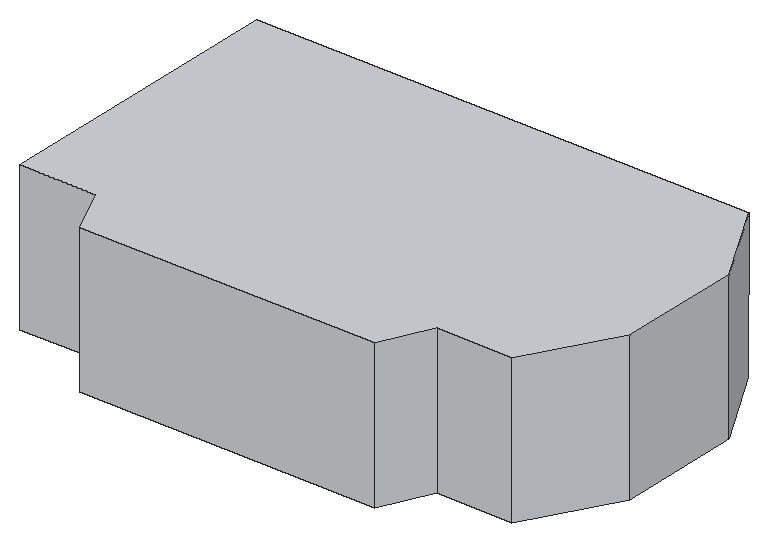
Revit family "M_T retangular com transição", category Conexões de duto, Revit 2019
Family settings
  Cota do conector redondo = Utilizar diâmetro
  Tipo de parte = Tê
  Número OmniClass = 23.75.70.14
  Título OmniClass = Air Ductwork
  ID de item do Seek = Rectangular Tee with Transition-0000-CAN-ENU
  Com base no plano de trabalho = Não
  Sempre na vertical = Sim
  Corte com vazios quando carregada = Não
  Compartilhado = Não
Parameters (values of type "Padrão")
  Comprimento 6 [instance] = Comprimento do rebaixo / 2  # 100 mm
  Comprimento 2 [instance] = 100 mm
  Comprimento 3 [instance] = (Comprimento 6) * tan(Ângulo 1) + Largura do duto 3 / 2  # 346.631 mm
  Comprimento do duto 2 [instance] = Comprimento do duto 1 + Comprimento 2  # 600 mm
  Largura do duto 2 [instance] = 250 mm
  Largura do duto 3 [instance] = 600 mm
  Largura do duto 1 [instance] = 600 mm
  Comprimento do rebaixo [instance] = 200 mm
  Meia largura 1 [instance] = Largura do duto 1 / 2  # 300 mm
  Comprimento do duto 3 [instance] = Largura do duto 1 / 2 + Comprimento 6  # 400 mm
  Meia largura 3 [instance] = Largura do duto 3 / 2  # 300 mm
  Comprimento do duto 1 [instance] = Meia largura 3 + Comprimento do rebaixo  # 500 mm
  Altura do duto [instance] = 300 mm
  Assembly Code = ""
  Ângulo 1 [instance] = 25.00°
Reference planes
  plane 1 "Centro (Frente/Trás)": y = 0
  plane 2: z = 0
  plane 3 "Centro (Esquerda/Direita)": x = 0
  plane 4: x = -500
  plane 5: x = 500
  plane 6: y = -400
  plane 7: x = -300
  plane 8: x = 300
  plane 9: x = -346.631
  plane 10: x = 346.631
  plane 11: z = 150
  plane 12: z = -150
  plane 13: y = 300
  plane 14: y = -300
  plane 15: x = 600
  plane 16: y = 125
  plane 17: y = -125
  plane 18: y = -127
  plane 19: y = 127
  plane 20: y = -127
  plane 21: y = 127
  plane 22: y = -304.8
  plane 23: y = 304.8
  plane 24: z = 152.4
  plane 25: z = -152.4
Forms (mm)
  Sweep 1, solid, detail levels medium+fine
    path in 3D
      loop
        line (-500, 0, 0) -> (0, 0, 0)
    profile "M_Duto - Retangular : Duto - Retangular" origin (-250, 0, 0) x (0, 1, 0) y (0, 0, 1)
      loop
        line (-300, 150) -> (-300, -150) -> (300, -150) -> (300, 150) -> (-300, 150)
  Sweep 2, solid, detail levels medium+fine
    path in 3D
      loop
        line (0, 0, 0) -> (500, 0, 0)
    profile "M_Duto - Retangular : Duto - Retangular" origin (250, 0, 0) x (0, 1, 0) y (0, 0, 1)
      loop
        line (-300, 150) -> (-300, -150) -> (300, -150) -> (300, 150) -> (-300, 150)
  Blend 3, solid, detail levels medium+fine
    base sketch origin (-643.049, -400, 1219.2) x (-1, 0, 0) y (0, 0, 1)
      loop
        line (-343.049, -1069.2) -> (-943.049, -1069.2) -> (-943.049, -1369.2) -> (-343.049, -1369.2) -> (-343.049, -1069.2)
    top sketch origin (-643.049, -400, 1219.2) x (-1, 0, 0) y (0, 0, 1)
      loop
        line (-296.418, -1069.2) -> (-989.68, -1069.2) -> (-989.68, -1369.2) -> (-296.418, -1369.2) -> (-296.418, -1069.2)
    from 0 to 100
  Blend 4, solid, detail levels medium+fine
    base sketch origin (600, 1066.8, 1219.2) x (0, 1, 0) y (0, 0, 1)
      loop
        line (-1191.8, -1069.2) -> (-1191.8, -1369.2) -> (-941.8, -1369.2) -> (-941.8, -1069.2) -> (-1191.8, -1069.2)
    top sketch origin (600, 1066.8, 1219.2) x (0, 1, 0) y (0, 0, 1)
      loop
        line (-1366.8, -1069.2) -> (-1366.8, -1369.2) -> (-766.8, -1369.2) -> (-766.8, -1069.2) -> (-1366.8, -1069.2)
    from 0 to -100
Cuts and joins
  joined: Sweep 1, Sweep 2, Blend 3, Blend 4
Lines and regions (mm)
  reference lines
    curve 1: line (-500, 0, 0) -> (0, 0, 0)
    curve 2: line (0, 0, 0) -> (500, 0, 0)
    curve 3: line (0, 0, 0) -> (0, -400, 0)
  sketch lines
    curve 4: line (-500, 0, 0) -> (0, 0, 0)
    curve 5: line (0, 0, 0) -> (500, 0, 0)
  model lines, style "DuctFitting", detail levels coarse
    curve 6: line (-500, 0, 0) -> (0, 0, 0)
    curve 7: line (0, 0, 0) -> (600, 0, 0)
    curve 8: line (0, 0, 0) -> (0, -400, 0)
Dimensions and locks
  equal spacing: plane 4, plane 3 "Centro (Esquerda/Direita)", plane 5
  "Comprimento do duto 1": plane 4 to plane 3 "Centro (Esquerda/Direita)"
  "Comprimento do duto 3": plane 6 to plane 1 "Centro (Frente/Trás)"
  equal spacing: plane 7, plane 3 "Centro (Esquerda/Direita)", plane 8
  "Largura do duto 3": plane 7 to plane 8
  equal spacing: plane 9, plane 3 "Centro (Esquerda/Direita)", plane 10
  "Comprimento 3": plane 9 to plane 3 "Centro (Esquerda/Direita)"
  equal spacing: plane 11, level, plane 12
  "Altura do duto": plane 11 to plane 12
  equal spacing: plane 13, plane 1 "Centro (Frente/Trás)", plane 14
  "Meia largura 1": plane 13 to plane 1 "Centro (Frente/Trás)"
  "Comprimento do duto 2": plane 3 "Centro (Esquerda/Direita)" to plane 15
  equal spacing: plane 16, plane 1 "Centro (Frente/Trás)", plane 17
  "Largura do duto 2": plane 16 to plane 17
  equal spacing: plane 18, plane 1 "Centro (Frente/Trás)", plane 19
  equal spacing: plane 20, plane 1 "Centro (Frente/Trás)", plane 21
  equal spacing: plane 22, plane 1 "Centro (Frente/Trás)", plane 23
  equal spacing: plane 24, level, plane 25
  aligned and locked: plane 3 "Centro (Esquerda/Direita)" to curve 1
  aligned and locked: plane 4 to curve 1
  aligned and locked: plane 1 "Centro (Frente/Trás)" to curve 1
  aligned and locked: plane 5 to curve 2
  aligned and locked: plane 1 "Centro (Frente/Trás)" to curve 2
  aligned and locked: plane 6 to curve 3
  aligned and locked: curve 6 to curve 1
  aligned and locked: curve 7 to curve 2
  aligned and locked: curve 8 to curve 3
  aligned and locked: Blend 3 sketch curve to plane 11  (x2)
  aligned and locked: plane 12 to Blend 3 sketch curve  (x2)
  aligned and locked: plane 7 to Blend 3 sketch curve
  aligned and locked: Blend 3 sketch curve to plane 8
  aligned and locked: plane 9 to Blend 3 sketch curve
  aligned and locked: Blend 3 sketch curve to plane 10
  aligned and locked: plane 14 to Blend 3
  aligned and locked: Blend 3 to plane 6
  aligned and locked: Blend 4 sketch curve to plane 16
  aligned and locked: plane 17 to Blend 4 sketch curve
  aligned and locked: Blend 4 sketch curve to plane 11  (x2)
  aligned and locked: plane 12 to Blend 4 sketch curve  (x2)
  aligned and locked: Blend 4 sketch curve to plane 13
  aligned and locked: plane 14 to Blend 4 sketch curve
  aligned and locked: Blend 4 to plane 15
  aligned and locked: Blend 4 to plane 5
  aligned and locked: plane 15 to curve 7
Automatic sketch dimensions
  curve 6 to plane 4 = 0 mm
  curve 8 to plane 6 = 0 mm
Connectors
  hvac at (-500, 0, 0), driven by "Altura do duto", driven by "Largura do duto 1"
    settings: on cut or joined group of Sweep 1, Sweep 2, Blend 3, Blend 4, index 1, duct flow 0.0 L/s, flow factor 0, pres drop 0.0 Pa, loss coef 0, conn angle 0.00°, conn width 600 mm, conn height 300 mm, conn diameter 609.6 mm, duct sys type 28, conn prof type 1, flow config 0, flow direction 0, loss method 0, conn ref index 2, conn util no, is conn primary yes, conn desc ""
  hvac at (600, 0, 0), driven by "Altura do duto", driven by "Largura do duto 2"
    settings: on Blend 4, index 2, duct flow 0.0 L/s, flow factor 0, pres drop 0.0 Pa, loss coef 0, conn angle 0.00°, conn width 250 mm, conn height 300 mm, conn diameter 609.6 mm, duct sys type 28, conn prof type 1, flow config 0, flow direction 0, loss method 0, conn ref index 1, conn util no, is conn primary no, conn desc ""
  hvac at (0, -400, 0), driven by "Altura do duto", driven by "Largura do duto 3"
    settings: on Blend 3, index 3, duct flow 0.0 L/s, flow factor 0, pres drop 0.0 Pa, loss coef 0, conn angle 0.00°, conn width 600 mm, conn height 300 mm, conn diameter 609.6 mm, duct sys type 28, conn prof type 1, flow config 0, flow direction 0, loss method 0, conn ref index -1, conn util no, is conn primary no, conn desc ""
